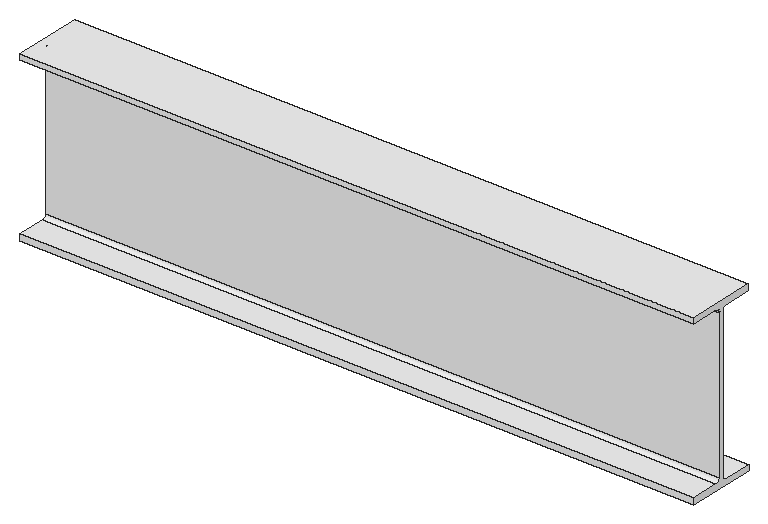
Revit family
Parameters (values of type "UB 305x127x37")
  시작 확장 계산 [instance] = 3012.5 mm + 시작 확장  # 3000 mm
  시작 확장 [instance] = -12.5 mm
  끝 확장 계산 [instance] = 3012.5 mm + 끝 확장  # 3000 mm
  끝 확장 [instance] = -12.5 mm
  보 재료 [instance] = 금속 - 스틸 - 345 MPa
  Assembly Code = ""
  A = 0.005 m²
  Length [instance] = 1500 mm
  W = 0.365
  bf = 123.5 mm
  d = 303.8 mm
  k = 17.9 mm
  kr = k - tf  # 7.2 mm
  tf = 10.7 mm
  tw = 7.2 mm
Reference planes
  plane 1 "중심(앞/뒤)": y = 0
  plane 2: z = 0
  plane 3 "중심(왼쪽/오른쪽)": x = 4.61
  plane 4 "왼쪽 부재": x = -604.99
  plane 5 "오른쪽 부재": x = 614.21
  plane 6: y = 61.75
  plane 7: y = -61.75
  plane 8 "상단": z = 151.9
  plane 9: z = -151.9
  plane 10 "왼쪽": x = -757.39
  plane 11 "오른쪽": x = 742.61
  plane 12: x = -604.99
  plane 13: x = 614.21
  plane 14: x = 2395.01
  plane 15: x = -2385.79
Forms (mm)
  Sweep 1, solid, material "금속 - 스틸 - 345 MPa" <- "보 재료", detail levels medium
    path origin (0, 0, 0) x (1, 0, 0) y (0, 1, 0)
      loop
        line (614.21, 0) -> (-604.99, 0)
    profile "M_W-와이드 플랜지-프로파일-중간 : M_W-와이드 플랜지-프로파일-중간" origin (4.61, 0, 0) x (0, -1, 0) y (0, 0, 1)
      loop
        line (-61.75, -151.9) -> (61.75, -151.9) -> (61.75, -141.2) -> (3.6, -141.2) -> (3.6, 141.2) -> (61.75, 141.2) -> (61.75, 151.9) -> (-61.75, 151.9) -> (-61.75, 141.2) -> (-3.6, 141.2) -> (-3.6, -141.2) -> (-61.75, -141.2) -> (-61.75, -151.9)
  Sweep 2, solid, material "금속 - 스틸 - 345 MPa" <- "보 재료", detail levels fine
    path origin (0, 0, 0) x (1, 0, 0) y (0, 1, 0)
      loop
        line (614.21, 0) -> (-604.99, 0)
    profile "M_W-와이드 플랜지-프로파일-섬세 : M_W-와이드 플랜지-프로파일-섬세" origin (4.61, 0, 0) x (0, -1, 0) y (0, 0, 1)
      loop
        line (-61.75, -151.9) -> (61.75, -151.9) -> (61.75, -141.2) -> (10.8, -141.2)
        arc (10.8, -141.2) -> (5.709, -139.091) -> (3.6, -134) r 7.2
        line (3.6, -134) -> (3.6, 134)
        arc (3.6, 134) -> (5.709, 139.091) -> (10.8, 141.2) r 7.2
        line (10.8, 141.2) -> (61.75, 141.2) -> (61.75, 151.9) -> (-61.75, 151.9) -> (-61.75, 141.2) -> (-10.8, 141.2)
        arc (-10.8, 141.2) -> (-5.709, 139.091) -> (-3.6, 134) r 7.2
        line (-3.6, 134) -> (-3.6, -134)
        arc (-3.6, -134) -> (-5.709, -139.091) -> (-10.8, -141.2) r 7.2
        line (-10.8, -141.2) -> (-61.75, -141.2) -> (-61.75, -151.9)
Lines and regions (mm)
  symbolic lines, style "숨겨진 면", detail levels medium+fine
    curve 1: line (614.21, -3.6, 0) -> (-604.99, -3.6, 0)
    curve 2: line (614.21, 3.6, 0) -> (-604.99, 3.6, 0)
  symbolic lines, style "기호 부착", detail levels coarse
    curve 3: line (4.61, 61.75, 151.9) -> (4.61, -61.75, 151.9)
    curve 4: line (4.61, -61.75, -151.9) -> (4.61, 61.75, -151.9)
    curve 5: line (4.61, 0, 151.9) -> (4.61, 0, -151.9)
Dimensions and locks
  "bf": plane 6 to plane 7
  "d": plane 9 to plane 8 "상단"
  equal spacing: plane 9, plane 2, plane 8 "상단"
  equal spacing: plane 6, plane 1 "중심(앞/뒤)", plane 7
  "Length": plane 10 "왼쪽" to plane 11 "오른쪽"
  "tw": curve 2 to curve 1
  equal spacing: curve 2, plane 1 "중심(앞/뒤)", curve 1
  locked: plane 4 "왼쪽 부재" to plane 14 at 3000
  locked: plane 15 to plane 5 "오른쪽 부재" at 3000
  "끝 확장 계산": plane 15 to plane 13
  "시작 확장 계산": plane 12 to plane 14
  aligned and locked: Sweep 1 sketch curve to plane 1 "중심(앞/뒤)"
  aligned and locked: Sweep 2 sketch curve to plane 1 "중심(앞/뒤)"
  aligned and locked: Sweep 2 to curve 3  (x2)
  aligned and locked: Sweep 2 to curve 4  (x2)
  aligned and locked: curve 3 to Sweep 2
  aligned and locked: curve 4 to Sweep 2
  aligned and locked: plane 12 to Sweep 2 sketch curve
  aligned and locked: plane 13 to Sweep 2 sketch curve
  aligned and locked: plane 12 to Sweep 1 sketch curve
  aligned and locked: plane 13 to Sweep 1 sketch curve
  aligned and locked: plane 12 to curve 2
  aligned and locked: plane 12 to curve 1
  aligned and locked: plane 13 to curve 2
  aligned and locked: plane 13 to curve 1
Automatic sketch dimensions
  curve 5 to plane 1 "중심(앞/뒤)" = 0 mm
